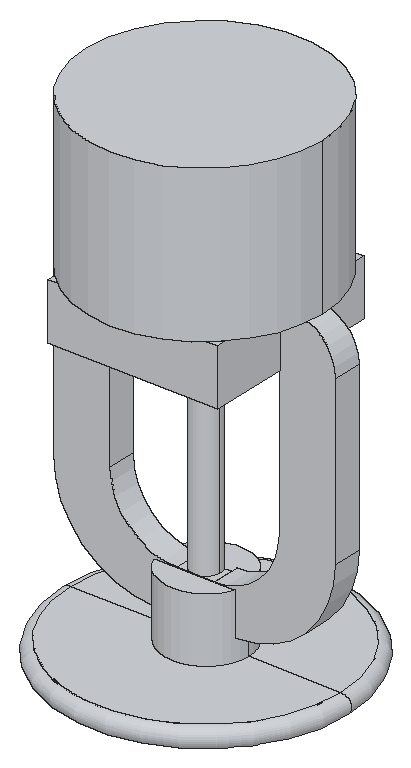
Revit family
Parameters (values of type "RASCO F1FR-300 PENDENT")
  Temperature Rating = 286 °F
  Response = 1
  RASCO SIN # = "R5612"
  RASCO Part # = "F1FRP3LW3"
  Pressure Rating = "300 PSI"
  Pressure Class = 1
  Orifice Size = 17/32"
  Orifice = (empty or 0)
  Model = "F1FR-300"
  Manufacturer = "RASCO"
  K-Factor = 8
  Description = "White Finish"
  Coverage = (empty or 0)
Reference planes (in)
  plane 1 "Center (Front/Back)": y = 0
  plane 2: z = 0
  plane 3 "Center (Left/Right)": x = 0
Dimensions and locks (in)
  aligned and locked: plane 2 to level
Nested families (in)
  nested 1: "F1FRP3LW3" at (-0.01148, 0, 2.4375) x (-1, 0, 0) z (0, 0, -1), type "RASCO F1FR-300 PENDENT"
Connectors (in)
  piping at (-0.01148, 0, 2.4375)
    settings: on nested 1, index 1, connector radius 1/2", flow factor 0, pipe flow 0 GPM, pressure drop 0.00 psi, fitting loss kfactor 0, connector angle 0.00°, fixture units 0, flow configuration 0, flow direction 0, fitting loss method 0, system type 7, connector reference index -1, connector utility 0, adjustable connector no, is connector primary yes, fitting loss table "", connector description ""
Definition of nested family "F1FRP3LW3"
  Parameters (values of type "RASCO F1FR-300 PENDENT")
    Type Comments = ""
    Temperature Rating = 0 °F
    Response = (empty or 0)
    Pressure Rating = "0"
    Pressure Class = (empty or 0)
    Orifice Size = 0"
    Orifice = (empty or 0)
    Model = ""
    Manufacturer = ""
    K-Factor = 0
    Description = ""
    Coverage = (empty or 0)
    Assembly Code = ""
  Reference planes (in)
    plane 1 "Center (Front/Back)": y = 0
    plane 2: z = 0
    plane 3 "ref.2": z = 0.6875
    plane 4 "ref.3": z = 0.9375
    plane 5: x = -0.38065
    plane 6: x = 0.36935
    plane 7 "ref. side 1": y = 0.06402
    plane 8 "ref. side 2": y = -0.06098
    plane 9 "ref.4": z = 1.875
    plane 10 "ref.5": z = 2.3125
    plane 11 "ref.6": z = 2.4375
  Forms (in)
    Extrusion 1, solid
      sketch origin (0, 0, 0) x (1, 0, 0) y (0, 1, 0)
        loop
          circle (0, 0) r 0.5221
      from 0 to 0.6875
    Extrusion 2, solid
      sketch origin (-0.12185, 0.05177, 0.6875) x (1, 0, 0) y (0, 1, 0)
        loop
          line (-0.2588, 0.356) -> (-0.2588, -0.4565) -> (0.4912, -0.4565) -> (0.4912, 0.356) -> (-0.2588, 0.356)
      from 0 to 0.25
    Extrusion 3, solid
      sketch origin (0, 0, 0) x (1, 0, 0) y (0, 0, 1)
        loop
          line (-0.38065, 0.69674) -> (-0.38065, 1.58397)
          arc (-0.38065, 1.58397) -> (-0.29541, 1.78976) -> (-0.08962, 1.875) r 0.29103
          line (-0.08962, 1.875) -> (0.07524, 1.875)
          arc (0.07524, 1.875) -> (0.28321, 1.78886) -> (0.36935, 1.58089) r 0.29411
          line (0.36935, 1.58089) -> (0.36935, 0.69728)
          arc (0.36935, 0.69728) -> (0.54046, 0.72329) -> (0.61935, 0.87734) r 0.18984
          line (0.61935, 0.87734) -> (0.61935, 1.61676)
          arc (0.61935, 1.61676) -> (0.48879, 1.93194) -> (0.17361, 2.0625) r 0.44574
          line (0.17361, 2.0625) -> (-0.18509, 2.0625)
          arc (-0.18509, 2.0625) -> (-0.50015, 1.932) -> (-0.63065, 1.61694) r 0.44556
          line (-0.63065, 1.61694) -> (-0.63065, 0.87876)
          arc (-0.63065, 0.87876) -> (-0.55196, 0.72414) -> (-0.38065, 0.69674) r 0.19126
      from -0.06402 to 0.06098
    Extrusion 4, solid
      sketch origin (0, 0, 0.9375) x (-1, 0, 0) y (0, -1, 0)
        loop
          circle (0.00574, -0.00152) r 0.0625
      from 0 to 0.9375
    Extrusion 5, solid
      sketch origin (0, 0, 1.875) x (-1, 0, 0) y (0, -1, 0)
        loop
          circle (0.00574, -0.00152) r 0.1875
      from 0 to 0.4375
    Revolve 6, solid
      sketch origin (0, 0, -0.2777) x (1, 0, 0) y (0, 0, 1)
        loop
          line (-0.19324, 2.43777) -> (-0.19324, 2.52696) -> (-0.60446, 2.52696)
          arc (-0.60446, 2.52696) -> (-0.64906, 2.48236) -> (-0.60446, 2.43777) r 0.0446
          line (-0.60446, 2.43777) -> (-0.19324, 2.43777)
        axis (-0.00574, 2.43777) -> (-0.00574, 2.52696)
      angle from 0 to 360
  Cuts and joins
    joined: Extrusion 1, Extrusion 2, Extrusion 4, Revolve 6
  Lines and regions (in)
    model lines
      curve 1: line (-0.00574, 0.06402, 1.875) -> (-0.00574, -0.06098, 1.875)
  Dimensions and locks (in)
    Extrusion 3 to Extrusion 3 = 0' - 1 1/4"
    Extrusion 5 to cut or joined group of Extrusion 1, Extrusion 2, Extrusion 4, Revolve 6 = 0' - 2 5/16"
